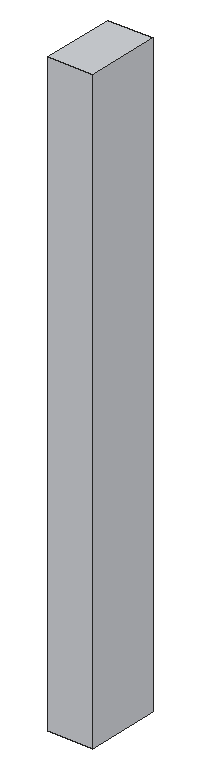
Revit family "Rectangular Column_300_500", category Columns, Revit 2015
Parameters (values of type "400x400mm")
  Depth = 500 mm
  Material = none
  Base Offset [instance] = 0 mm
  Top Offset [instance] = 0 mm
  Width = 300 mm
Reference planes
  plane 1: y = 0
  plane 2: z = 0
  plane 3: x = 0
  plane 4: z = 4000
  plane 5: z = 0
  plane 6: x = -150
  plane 7: x = 150
  plane 8: y = -250
  plane 9: y = 250
Forms (mm)
  Extrusion 1, solid, material <- "Material"
    sketch origin (0, 0, 0) x (1, 0, 0) y (0, 1, 0)
      loop
        line (-150, 250) -> (-150, -250) -> (150, -250) -> (150, 250) -> (-150, 250)
    from 0 to 4000
Dimensions and locks
  "Base Offset": plane 5 to level
  "Top Offset": level to plane 4
  equal spacing: plane 6, plane 3, plane 7
  "Width": plane 6 to plane 7
  equal spacing: plane 8, plane 1, plane 9
  "Depth": plane 8 to plane 9
  aligned and locked: plane 4 to Extrusion 1
  aligned and locked: Extrusion 1 to plane 5
Automatic sketch dimensions
  Extrusion 1 sketch curve to plane 6 = 0 mm
  Extrusion 1 sketch curve to plane 7 = 0 mm
  Extrusion 1 sketch curve to plane 8 = 0 mm
  Extrusion 1 sketch curve to plane 9 = 0 mm
